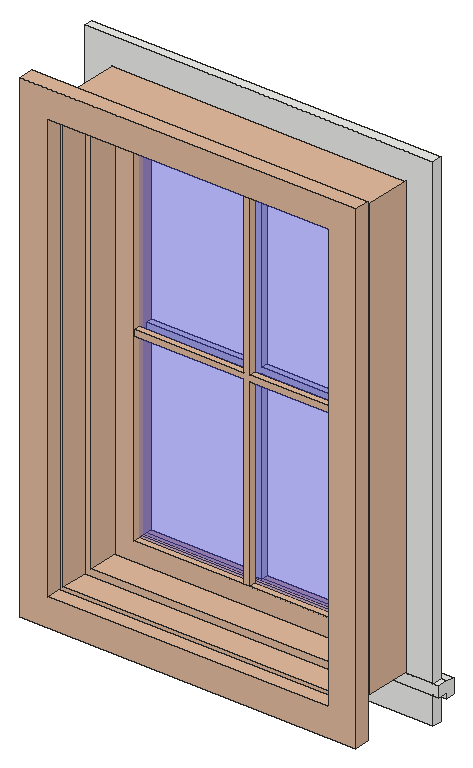
Revit family "576623c94ade40d0b69d6ff8f59e5a1c", category Windows, host Wall, Revit 2021
Family settings
  Host = Wall
  OmniClass Number = 23.30.20.17.21.14
  OmniClass Title = Casement Windows
  Always vertical = Yes
  Cut with Voids When Loaded = No
  Shared = No
  Room Calculation Point = No
Parameters (values of type "24" x 36"")
  Window Inset [instance] = 0' - 0"
  Wall Thickness [instance] = 0' - 6"
  Visual Light Transmittance = 0.81
  Thermal Resistance (R) = 1.8146 (h·ft²·°F)/BTU
  Solar Heat Gain Coefficient = 0.76
  Rough Width = Width + 0' 0 1/2"  # 2' - 0 1/2"
  Rough Height = Height + 0' 0 1/2"  # 3' - 0 1/2"
  Muntin Visibility = yes
  Muntin Pattern = Muntin Pattern_2x2 : Muntin Pattern_2x2
  Interior Wall Closure [instance] = 0' - 2 1/4"
  Interior Trim Visibility [instance] = yes
  Interior Trim Material = Wood - Stained
  Interior Trim = Trim-Window-Interior-Flat : Picture Frame
  Height = 3' - 0"
  Interior Frame Material = Wood - Stained
  Heat Transfer Coefficient (U) = 0.5511 BTU/(h·ft²·°F)
  Glass Panel Material = Glass
  Frame Extension [instance] = if(Exterior Trim Visibility, Window Inset + 0' 0 1/4", 0' 0 1/4")  # 0' - 0 1/4"
  Fire Rating = "0.5h"
  Exterior Wall Closure [instance] = 0' - 1 1/4"
  Exterior Trim Visibility [instance] = yes
  Exterior Trim Material = Clad - White
  Exterior Trim = Trim-Window-Exterior-Flat : with Sill
  Exterior Frame Material = Clad - White
  Extension Jamb Visibility [instance] = and(Interior Trim Visibility, Wall Thickness - Window Inset > 0' 3 3/4")  # yes
  Extension Jamb [instance] = if(Wall Thickness - Window Inset > 0' 3 3/4", Wall Thickness - Window Inset - 0' 3 3/4", 0' 1")  # 0' - 2 1/4"
  Default Sill Height = 3' - 0"
  Wall Closure = By host
  Width = 2' - 0"
  Assembly Code = "B2020100"
  Analytic Construction = "Double glazing - domestic"
Reference planes (in)
  plane 1 "Center (Front/Back)": y = 0
  plane 2: z = 0
  plane 3 "Center (Left/Right)": x = 0
  plane 4 "Left": x = -12
  plane 5 "Right": x = 12
  plane 6 "Sill": z = 36
  plane 7 "Top": z = 72
  plane 8 "Inset Face": y = 3
  plane 9 "Wall Closure": y = -0.75
  plane 10 "Sash Face": y = 3.5
  plane 11 "Exterior": y = 3
  plane 12: x = 11.5
  plane 13: x = -11.5
  plane 14: z = 71.5
  plane 15: z = 36.5
  plane 16: x = 9.25
  plane 17: x = -9.25
  plane 18: z = 69.25
  plane 19: z = 38.75
  plane 20: y = 2.25
  plane 21 "Glass": y = 2.625
  plane 22 "Middle": z = 54
  plane 23: y = 3.75
  plane 24: y = 3.75
  plane 25 "Interior": y = -3
  plane 26 "Jamb": y = -0.75
  plane 27: y = -0.75
  plane 28: y = 1.75
  plane 29: y = 3.75
Forms (in)
  Sweep 1, solid, material "Wood - Stained" <- "Interior Frame Material"
    path origin (0, 3.5, 0) x (-1, 0, 0) y (0, 0, 1)
      loop
        line (-12, 36) -> (12, 36) -> (12, 72) -> (-12, 72) -> (-12, 36)
    profile origin (12, 3.5, 54) x (1, 0, 0) y (0, 1, 0)
      loop
        line (0, 0.25) -> (-0.5, 0.25) -> (-0.5, -1.75) -> (-1.25, -1.75) -> (-1.25, -4.25) -> (0, -4.25) -> (0, 0.25)
  Extrusion 2, solid, material "Wood - Stained" <- "Interior Frame Material", visible <- "Extension Jamb Visibility"
    sketch origin (0, 0, 0) x (1, 0, 0) y (0, 0, 1)
      loop
        line (12, 72) -> (-12, 72) -> (-12, 36) -> (12, 36) -> (12, 72)
      loop
        line (11.25, 36.75) -> (11.25, 71.25) -> (-11.25, 71.25) -> (-11.25, 36.75) -> (11.25, 36.75)
    from 0.75 to 3
  Sweep 3, solid, material "Wood - Stained" <- "Interior Frame Material"
    path origin (0, 3.5, 0) x (-1, 0, 0) y (0, 0, 1)
      loop
        line (-11.5, 36.5) -> (11.5, 36.5) -> (11.5, 71.5) -> (-11.5, 71.5) -> (-11.5, 36.5)
    profile origin (11.5, 3.5, 54) x (1, 0, 0) y (0, 1, 0)
      loop
        line (0, 0) -> (-2.25, 0) -> (-2.25, -1.75) -> (0, -1.75) -> (0, 0)
  Extrusion 4, solid, material "Glass"
    sketch origin (-27.625, 0, 36) x (0, -1, 0) y (1, 0, 0)
      loop
        line (-3, 18.375) -> (-2.75, 18.375) -> (-2.75, 36.875) -> (-3, 36.875) -> (-3, 18.375)
      loop
        line (-2.25, 36.875) -> (-2.5, 36.875) -> (-2.5, 18.375) -> (-2.25, 18.375) -> (-2.25, 36.875)
    from 2.75 to 33.25
Lines and regions (in)
  Opening 1
    outline origin (-60, -3, 0) x (1, 0, 0) y (0, 0, 1)
      loop
        line (48, 72) -> (48, 36) -> (72, 36) -> (72, 72) -> (48, 72)
  Split face 1
    outline origin (-9.25, 1.75, 38.75) x (1, 0, 0) y (0, 1, 0)
      loop
        line (0, 1.25) -> (18.5, 1.25)
  Split face 2
    outline origin (9.25, 1.75, 38.75) x (0, 0, 1) y (0, 1, 0)
      loop
        line (30.5, 1.25) -> (0, 1.25)
  Split face 3
    outline origin (-9.25, 1.75, 69.25) x (0, 0, -1) y (0, 1, 0)
      loop
        line (30.5, 1.25) -> (0, 1.25)
  Split face 4
    outline origin (9.25, 1.75, 69.25) x (0, 1, 0) y (-1, 0, 0)
      loop
        line (1.25, 18.5) -> (1.25, 0)
  symbolic lines, style "Elevation Swing"
    curve 1: line (-11.5, 0, 54) -> (11.5, 0, 36.5)
    curve 2: line (-11.5, 0, 54) -> (11.5, 0, 71.5)
Text (in)
  text "EXTERIOR" at (-58.6888, 50.90694, 0), in view "Ref. Level"
  text "INTERIOR" at (-58.6888, -37.76638, 0), in view "Ref. Level"
  text "Exterior" at (0, 43.65631, 123.19604), in view "Left"
  text "Exterior" at (0, 18.29385, 125.04747), in view "Right"
Dimensions and locks (in)
  equal spacing: plane 4 "Left", plane 3 "Center (Left/Right)", plane 5 "Right"
  "Width": plane 4 "Left" to plane 5 "Right"
  "Height": plane 6 "Sill" to plane 7 "Top"
  "Default Sill Height": plane 2 to plane 6 "Sill"
  locked: plane 10 "Sash Face" to plane 8 "Inset Face" at 0.5
  "Wall Thickness": host wall to host wall
  "Window Inset": plane 11 "Exterior" to plane 8 "Inset Face"
  locked: Sweep 1 sketch curve to plane 5 "Right" at 1.25
  locked: Sweep 1 sketch curve to plane 5 "Right" at 0.5
  locked: plane 10 "Sash Face" to Sweep 1 sketch curve at 1.75
  locked: plane 12 to plane 5 "Right" at 0.5
  locked: plane 4 "Left" to plane 13 at 0.5
  locked: plane 14 to plane 7 "Top" at 0.5
  locked: plane 6 "Sill" to plane 15 at 0.5
  locked: plane 16 to plane 12 at 2.25
  locked: plane 13 to plane 17 at 2.25
  locked: plane 18 to plane 14 at 2.25
  locked: plane 15 to plane 19 at 2.25
  locked: Extrusion 2 sketch curve to plane 7 "Top" at 0.75
  locked: Extrusion 2 sketch curve to plane 5 "Right" at 0.75
  locked: Extrusion 2 sketch curve to plane 4 "Left" at 0.75
  locked: plane 6 "Sill" to Extrusion 2 sketch curve at 0.75
  equal spacing: plane 8 "Inset Face", plane 21 "Glass", plane 20
  locked: plane 8 "Inset Face" to plane 20 at 0.75
  equal spacing: plane 6 "Sill", plane 22 "Middle", plane 7 "Top"
  locked: plane 23 to plane 11 "Exterior" at 0.75
  locked: plane 24 to plane 10 "Sash Face" at 0.25
  "Extension Jamb": plane 26 "Jamb" to plane 25 "Interior"
  locked: plane 8 "Inset Face" to plane 9 "Wall Closure" at 3.75
  "Interior Wall Closure": plane 27 to plane 25 "Interior"
  "Exterior Wall Closure": plane 11 "Exterior" to plane 28
  "Frame Extension": plane 29 to plane 10 "Sash Face"
  aligned and locked: plane 7 "Top" to Opening 1 sketch curve
  aligned and locked: plane 6 "Sill" to Opening 1 sketch curve  (x2)
  aligned and locked: plane 5 "Right" to Opening 1 sketch curve
  aligned and locked: plane 4 "Left" to Opening 1 sketch curve
  aligned and locked: level to plane 2
  aligned and locked: host wall to plane 11 "Exterior"
  aligned and locked: plane 5 "Right" to Sweep 1 sketch curve
  aligned and locked: plane 7 "Top" to Sweep 1 sketch curve
  aligned and locked: Sweep 1 sketch curve to plane 4 "Left"
  aligned and locked: Sweep 1 sketch curve to plane 6 "Sill"
  aligned and locked: Extrusion 2 sketch curve to host wall  (x3)
  aligned and locked: plane 7 "Top" to Extrusion 2 sketch curve
  aligned and locked: host wall to Extrusion 2
  aligned and locked: plane 15 to Sweep 3 sketch curve
  aligned and locked: Sweep 3 sketch curve to plane 13
  aligned and locked: Sweep 3 sketch curve to plane 14
  aligned and locked: Extrusion 4 sketch curve to plane 8 "Inset Face"
  aligned and locked: plane 20 to Extrusion 4 sketch curve
  aligned and locked: Sweep 3 to Extrusion 4 sketch curve  (x2)
  aligned and locked: Extrusion 4 sketch curve to plane 17  (x2)
  aligned and locked: plane 15 to curve 1
  aligned and locked: plane 18 to Extrusion 4
  aligned and locked: Split face 1 sketch curve to Extrusion 4
  aligned and locked: plane 8 "Inset Face" to Split face 2 sketch curve
  aligned and locked: Split face 3 sketch curve to plane 8 "Inset Face"
  aligned and locked: Split face 4 sketch curve to plane 8 "Inset Face"
  aligned and locked: plane 25 "Interior" to host wall
  aligned and locked: plane 26 "Jamb" to Extrusion 2
  aligned and locked: plane 9 "Wall Closure" to Sweep 1
  aligned and locked: nested 1 to plane 4 "Left"
  aligned and locked: plane 11 "Exterior" to nested 1
  aligned and locked: plane 12 to Sweep 3 sketch curve
  aligned and locked: Sweep 1 to curve 1
  aligned and locked: plane 22 "Middle" to curve 2
  aligned and locked: plane 13 to curve 2
  aligned and locked: nested 1 to plane 7 "Top"
  aligned and locked: nested 2 to plane 21 "Glass"
  aligned and locked: plane 19 to nested 2
  aligned and locked: plane 18 to nested 2
  aligned and locked: nested 2 to plane 16
  aligned and locked: nested 2 to plane 17
  aligned and locked: plane 7 "Top" to nested 3
  aligned and locked: nested 3 to plane 3 "Center (Left/Right)"
  aligned and locked: plane 7 "Top" to nested 4
  aligned and locked: plane 3 "Center (Left/Right)" to nested 4
  aligned and locked: plane 29 to Sweep 1 sketch curve
Automatic sketch dimensions
  Sweep 1 sketch curve to profile plane = 0' - 0"
  Sweep 1 sketch curve to Sweep 1 sketch curve = 0' - 2 1/2"
  Sweep 3 sketch curve to plane 10 "Sash Face" = 0' - 0"
  Sweep 3 sketch curve to profile plane = 0' - 0"
  profile plane to Sweep 3 sketch curve = 0' - 2 1/4"
  Sweep 3 sketch curve to plane 10 "Sash Face" = 0' - 1 3/4"
  plane 21 "Glass" to Extrusion 4 sketch curve = 0' - 0 1/8"
  Extrusion 4 sketch curve to plane 21 "Glass" = 0' - 0 1/8"
  plane 12 to curve 2 = 0' - 0"
  curve 2 to plane 14 = 0' - 0"
  Split face 1 sketch curve to Sweep 3 = 0' - 0"  (x2)
  Split face 2 sketch curve to Sweep 3 = 0' - 0"
  Sweep 3 to Split face 2 sketch curve = 0' - 0"
  Sweep 3 to Split face 3 sketch curve = 0' - 0"
  Split face 3 sketch curve to Sweep 3 = 0' - 0"
  Split face 4 sketch curve to Sweep 3 = 0' - 0"  (x2)
Nested families (in)
  nested 1: "Plan-Casement" at (0, 3, 36) x (-1, 0, 0) z (0, 0, 1), Width <- "Width", Window Inset <- "Window Inset", Height <- "Height", Wall Thickness <- "Wall Thickness", type "Plan-Casement"
    with Window Inset of 3D 0' - 0", Window Inset 0' - 0", Width 2' - 0", Wall Thickness 0' - 6", Top Line yes, Right Line yes, RH no, Left Line yes, LH yes, Height 3' - 0", Bottom Line yes
  nested 2: "Muntin Pattern_2x2" at (0, 2.625, 38.75), visible <- "Muntin Visibility", Exterior Material <- "Exterior Frame Material", Interior Material <- "Interior Frame Material", type <- "Muntin Pattern", type "Muntin Pattern_2x2"
    with Width 1' - 6 1/2", Interior Material Wood - Stained, Height 2' - 6 1/2", Exterior Material Clad - White
  nested 3: "Trim-Window-Exterior-Flat" at (0, 3, 72) x (-1, 0, 0) z (0, 1, 0), visible <- "Exterior Trim Visibility", Trim Material <- "Exterior Trim Material", Opening Width <- "Width", Opening Height <- "Height", type <- "Exterior Trim", type "with Sill"
    with Trim Material Clad - White, Opening Width 2' - 0", Opening Height 3' - 0"
  nested 4: "Trim-Window-Interior-Flat" at (0, -3, 72) x (1, 0, 0) z (0, -1, 0), visible <- "Interior Trim Visibility", Trim Material <- "Interior Trim Material", Opening Width <- "Width", Opening Height <- "Height", type <- "Interior Trim", type "Picture Frame"
    with Trim Material Wood - Stained, Opening Width 2' - 0", Opening Height 3' - 0"
Definition of nested family "Muntin Pattern_2x2"
  Parameters (values of type "Muntin Pattern_2x2")
    Width [instance] = 4' - 0"
    Thickness = 0' - 0 1/2"
    Height [instance] = 4' - 0"
    Interior Material [instance] = none
    Exterior Material [instance] = none
    Distance = 0' - 0 3/4"
    Default Elevation = 0' - 0"
  Reference planes (in)
    plane 1 "Center (Front/Back)": y = 0
    plane 2: z = 0
    plane 3 "Center (Left/Right)": x = 0
    plane 4: z = 48
    plane 5: x = -24
    plane 6: x = 24
    plane 7: z = 24
    plane 8: y = 0.375
    plane 9: y = 0.875
    plane 10: y = -0.375
    plane 11: y = -0.875
  Forms (in)
    Extrusion 1, solid, material <- "Interior Material", detail levels fine
      sketch origin (0, 0, 0) x (1, 0, 0) y (0, 0, 1)
        loop
          line (-24, 24.25) -> (-24, 23.75) -> (-0.25, 23.75) -> (-0.25, 0) -> (0.25, 0) -> (0.25, 23.75) -> (24, 23.75) -> (24, 24.25) -> (0.25, 24.25) -> (0.25, 48) -> (-0.25, 48) -> (-0.25, 24.25) -> (-24, 24.25)
      from 0.375 to 0.875
    Extrusion 2, solid, material <- "Exterior Material", detail levels fine
      sketch origin (0, 0, 0) x (1, 0, 0) y (0, 0, -1)
        loop
          line (-24, -24.25) -> (-0.25, -24.25) -> (-0.25, -48) -> (0.25, -48) -> (0.25, -24.25) -> (24, -24.25) -> (24, -23.75) -> (0.25, -23.75) -> (0.25, 0) -> (-0.25, 0) -> (-0.25, -23.75) -> (-24, -23.75) -> (-24, -24.25)
      from 0.375 to 0.875
  Lines and regions (in)
    model lines, detail levels medium
      curve 1: line (0, 0.375, 48) -> (0, 0.375, 0)
      curve 2: line (-24, -0.375, 24) -> (24, -0.375, 24)
      curve 3: line (-24, 0.375, 24) -> (24, 0.375, 24)
      curve 4: line (0, -0.375, 48) -> (0, -0.375, 0)
  Dimensions and locks (in)
    equal spacing: plane 6, plane 3 "Center (Left/Right)", plane 5
    "Width": plane 6 to plane 5
    "Height": plane 4 to plane 2
    equal spacing: plane 4, plane 7, plane 2
    locked: plane 3 "Center (Left/Right)" to Extrusion 1 sketch curve at 0.25  (x4)
    locked: Extrusion 1 sketch curve to plane 7 at 0.25  (x2)
    locked: plane 7 to Extrusion 1 sketch curve at 0.25  (x2)
    "Thickness": plane 9 to plane 8
    "Thickness": plane 10 to plane 11
    "Distance": plane 8 to plane 10
    equal spacing: plane 8, plane 1 "Center (Front/Back)", plane 10
    aligned and locked: plane 2 to level
    aligned and locked: plane 4 to curve 1
    aligned and locked: plane 5 to curve 2
    aligned and locked: plane 2 to curve 1
    aligned and locked: plane 6 to curve 2
    aligned and locked: Extrusion 1 sketch curve to plane 4
    aligned and locked: Extrusion 1 sketch curve to plane 6
    aligned and locked: Extrusion 1 sketch curve to plane 5
    aligned and locked: Extrusion 1 sketch curve to level
    aligned and locked: Extrusion 1 to plane 11
    aligned and locked: plane 10 to Extrusion 1
    aligned and locked: Extrusion 2 to plane 5
    aligned and locked: plane 6 to Extrusion 2
    aligned and locked: Extrusion 2 to plane 8
    aligned and locked: plane 9 to Extrusion 2
    aligned and locked: Extrusion 2 to plane 2
    aligned and locked: plane 4 to Extrusion 2
    aligned and locked: plane 5 to curve 3
    aligned and locked: plane 6 to curve 3
    aligned and locked: plane 4 to curve 4
    aligned and locked: plane 2 to curve 4
    aligned and locked: plane 8 to curve 3
  Automatic sketch dimensions
    curve 2 to plane 7 = 0' - 0"
    Extrusion 2 sketch curve to plane 5 = 0' - 0"
    Extrusion 2 sketch curve to level = 0' - 0"
    Extrusion 2 sketch curve to plane 4 = 0' - 0"
    Extrusion 2 sketch curve to plane 6 = 0' - 0"
    Extrusion 2 sketch curve to plane 3 "Center (Left/Right)" = 0' - 0 1/4"  (x2)
    plane 3 "Center (Left/Right)" to Extrusion 2 sketch curve = 0' - 0 1/4"  (x2)
    plane 7 to Extrusion 2 sketch curve = 0' - 0 1/4"  (x2)
    Extrusion 2 sketch curve to plane 7 = 0' - 0 1/4"  (x2)
    curve 4 to plane 3 "Center (Left/Right)" = 0' - 0"
    curve 4 to level = 0' - 0"
    curve 4 to plane 4 = 0' - 0"
    curve 3 to plane 6 = 0' - 0"
    curve 1 to plane 3 "Center (Left/Right)" = 0' - 0"
    curve 3 to plane 5 = 0' - 0"
    curve 3 to plane 7 = 0' - 0"
Definition of nested family "Trim-Window-Exterior-Flat"
  Parameters (values of type "with Sill")
    Trim Width = 0' - 2 1/4"
    Trim Thickness_Picture Frame = 0' - 1 1/4"
    Trim Thickness_with Sill = 0' - 0 3/4"
    Trim Material [instance] = none
    Sill Thickness = 0' - 1 1/4"
    Sill = yes
    Picture Frame = no
    Opening Width [instance] = 2' - 0"
    Opening Height [instance] = 3' - 0"
    Default Elevation = 4' - 0"
  Types (2): name | Sill | Picture Frame
    with Sill | yes | no
    Picture Frame | no | yes
  Reference planes (in)
    plane 1 "Center (Front/Back)": y = 0
    plane 2: z = 0
    plane 3 "Center (Left/Right)": x = 0
    plane 4: y = 2.25
    plane 5 "Left": x = -12
    plane 6 "Right": x = 12
    plane 7 "Bottom": y = -36
    plane 8: y = -37.25
    plane 9: y = -39.12332
    plane 10: x = 14.25
    plane 11: x = -14.25
    plane 12: z = 0.75
    plane 13: z = 1.25
    plane 14: x = 14.75
    plane 15: x = -14.75
    plane 16: y = -36.87332
    plane 17: y = -38.25
    plane 18: z = 0.5
    plane 19: y = -18
    plane 20: z = 1.5
  Forms (in)
    Extrusion 1, solid
      sketch origin (0, 0, 0) x (1, 0, 0) y (0, 1, 0)
        loop
          line (-14.25, 2.25) -> (-14.25, -39.12332) -> (14.25, -39.12332) -> (14.25, 2.25) -> (-14.25, 2.25)
      from 0 to -12
    Extrusion 2, solid, material <- "Trim Material", visible <- "Sill"
      sketch origin (0, 0, 0) x (1, 0, 0) y (0, 1, 0)
        loop
          line (-14.25, -36) -> (-12, -36) -> (-12, 0) -> (12, 0) -> (12, -36) -> (14.25, -36) -> (14.25, 2.25) -> (-14.25, 2.25) -> (-14.25, -36)
      from 0 to 0.75
    Extrusion 3, solid, material <- "Trim Material", visible <- "Sill"
      sketch origin (0, 0, 0) x (0, 1, 0) y (0, 0, 1)
        loop
          line (-36.09677, 1.5) -> (-37.25, 1.5) -> (-37.25, 0.75) -> (-36.87332, 0.75) -> (-36.87332, 0) -> (-36, 0) -> (-36, 0.75) -> (-36.09677, 1.5)
      from -14.75 to 14.75
    Extrusion 4, solid, material <- "Trim Material", visible <- "Sill"
      sketch origin (0, 0, 0) x (1, 0, 0) y (0, 1, 0)
        loop
          line (-14.25, -36.87332) -> (-14.25, -39.12332) -> (14.25, -39.12332) -> (14.25, -36.87332) -> (-14.25, -36.87332)
      from 0 to 0.75
    Extrusion 5, solid, material <- "Trim Material", visible <- "Picture Frame"
      sketch origin (0, 0, 0) x (1, 0, 0) y (0, 1, 0)
        loop
          line (-12, 0) -> (-12, -36) -> (12, -36) -> (12, 0) -> (-12, 0)
        loop
          line (-14.25, 2.25) -> (-14.25, -38.25) -> (14.25, -38.25) -> (14.25, 2.25) -> (-14.25, 2.25)
      from 0 to 1.25
  Dimensions and locks (in)
    equal spacing: plane 5 "Left", plane 3 "Center (Left/Right)", plane 6 "Right"
    "Opening Width": plane 5 "Left" to plane 6 "Right"
    "Opening Height": plane 7 "Bottom" to plane 1 "Center (Front/Back)"
    "Sill Thickness": plane 7 "Bottom" to plane 8
    "Trim Width": plane 11 to plane 5 "Left"
    "Trim Width": plane 6 "Right" to plane 10
    "Trim Width": plane 1 "Center (Front/Back)" to plane 4
    locked: plane 15 to plane 11 at 0.5
    locked: plane 10 to plane 14 at 0.5
    locked: plane 16 to plane 8 at 0.37668
    "Trim Width": plane 9 to plane 16
    "Trim Width": plane 17 to plane 7 "Bottom"
    locked: plane 18 to plane 2 at 0.5
    equal spacing: plane 7 "Bottom", plane 19, plane 1 "Center (Front/Back)"
    locked: plane 20 to plane 12 at 0.75
    "Trim Thickness_with Sill": plane 12 to plane 2
    "Trim Thickness_Picture Frame": plane 13 to plane 2
    aligned and locked: plane 2 to Extrusion 1
    aligned and locked: level to Extrusion 1
    aligned and locked: Extrusion 2 sketch curve to plane 5 "Left"
    aligned and locked: Extrusion 2 sketch curve to plane 11
    aligned and locked: plane 7 "Bottom" to Extrusion 2 sketch curve  (x2)
    aligned and locked: plane 1 "Center (Front/Back)" to Extrusion 2 sketch curve
    aligned and locked: plane 10 to Extrusion 2 sketch curve
    aligned and locked: Extrusion 2 sketch curve to plane 6 "Right"
    aligned and locked: plane 12 to Extrusion 2
    aligned and locked: Extrusion 3 sketch curve to level
    aligned and locked: plane 7 "Bottom" to Extrusion 3 sketch curve
    aligned and locked: Extrusion 3 sketch curve to plane 8
    aligned and locked: plane 15 to Extrusion 3
    aligned and locked: Extrusion 3 to plane 14
    aligned and locked: plane 10 to Extrusion 4 sketch curve
    aligned and locked: Extrusion 4 sketch curve to plane 11
    aligned and locked: plane 16 to Extrusion 4 sketch curve
    aligned and locked: plane 9 to Extrusion 4 sketch curve
    aligned and locked: Extrusion 4 to Extrusion 2
    aligned and locked: Extrusion 2 sketch curve to plane 4
    aligned and locked: plane 1 "Center (Front/Back)" to Extrusion 5 sketch curve
    aligned and locked: Extrusion 5 sketch curve to plane 4
    aligned and locked: Extrusion 5 sketch curve to plane 17
    aligned and locked: plane 7 "Bottom" to Extrusion 5 sketch curve
    aligned and locked: Extrusion 5 sketch curve to plane 6 "Right"
    aligned and locked: plane 10 to Extrusion 5 sketch curve
    aligned and locked: Extrusion 5 sketch curve to plane 5 "Left"
    aligned and locked: Extrusion 5 sketch curve to plane 11
    aligned and locked: plane 13 to Extrusion 5
    aligned and locked: plane 20 to Extrusion 3
  Automatic sketch dimensions
    Extrusion 1 sketch curve to Extrusion 1 sketch curve = 2' - 4 1/2"
    Extrusion 1 sketch curve to Extrusion 1 sketch curve = 3' - 5.37332"
    Extrusion 3 sketch curve to plane 16 = 0' - 0"
    Extrusion 3 sketch curve to plane 12 = 0' - 0"  (x2)
    Extrusion 3 sketch curve to plane 7 "Bottom" = 0' - 0.09677"
    plane 13 to Extrusion 3 sketch curve = 0' - 0 1/4"
Definition of nested family "Trim-Window-Interior-Flat"
  Parameters (values of type "with Sill")
    Trim Thickness_Picture Frame = 0' - 1 1/4"
    Trim Width = 0' - 2 1/4"
    Trim Thickness_with Sill = 0' - 0 3/4"
    Trim Material [instance] = none
    Sill Thickness = 0' - 1 1/4"
    Sill = yes
    Picture Frame = no
    Opening Width [instance] = 2' - 0"
    Opening Height [instance] = 3' - 0"
    Default Elevation = 4' - 0"
  Types (2): name | Sill | Picture Frame
    with Sill | yes | no
    Picture Frame | no | yes
  Reference planes (in)
    plane 1 "Center (Front/Back)": y = 0
    plane 2: z = 0
    plane 3 "Center (Left/Right)": x = 0
    plane 4: y = 1.75
    plane 5 "Left": x = -12
    plane 6 "Right": x = 12
    plane 7 "Bottom": y = -36
    plane 8: y = -37.25
    plane 9: y = -39.12332
    plane 10: x = 13.75
    plane 11: x = -13.75
    plane 12: z = 0.75
    plane 13: z = 1.25
    plane 14: x = 14.25
    plane 15: x = -14.25
    plane 16: y = -36.87332
    plane 17: y = -37.75
    plane 18: z = 0.5
    plane 19: x = -11.5
    plane 20: y = -0.5
    plane 21: x = 11.5
    plane 22: y = -35.5
    plane 23: x = -13.25
    plane 24: x = 13.25
    plane 25: y = -18
  Forms (in)
    Extrusion 1, solid
      sketch origin (0, 0, 0) x (1, 0, 0) y (0, 1, 0)
        loop
          line (-13.75, 1.75) -> (-13.75, -37.75) -> (13.75, -37.75) -> (13.75, 1.75) -> (-13.75, 1.75)
      from 0 to -12
    Extrusion 2, solid, material <- "Trim Material", visible <- "Sill"
      sketch origin (0, 0, 0) x (1, 0, 0) y (0, 1, 0)
        loop
          line (-13.25, -36) -> (-11.5, -36) -> (-11.5, 0) -> (11.5, 0) -> (11.5, -36) -> (13.25, -36) -> (13.25, 1.75) -> (-13.25, 1.75) -> (-13.25, -36)
      from 0 to 0.75
    Extrusion 3, solid, material <- "Trim Material", visible <- "Sill"
      sketch origin (0, 0, 0) x (0, 1, 0) y (0, 0, 1)
        loop
          line (-36.5, 1.5) -> (-36.87332, 1.5) -> (-36.87332, 0) -> (-36, 0) -> (-36, 1)
          arc (-36, 1) -> (-36.14645, 1.35355) -> (-36.5, 1.5) r 0.5
      from -13.75 to 13.75
    Extrusion 4, solid, material <- "Trim Material", visible <- "Sill"
      sketch origin (0, 0, 0) x (1, 0, 0) y (0, 1, 0)
        loop
          line (-13.25, -36.87332) -> (-13.25, -39.12332) -> (13.25, -39.12332) -> (13.25, -36.87332) -> (-13.25, -36.87332)
      from 0 to 0.75
    Extrusion 5, solid, material <- "Trim Material", visible <- "Picture Frame"
      sketch origin (0, 0, 0) x (1, 0, 0) y (0, 1, 0)
        loop
          line (-11.5, -0.5) -> (-11.5, -35.5) -> (11.5, -35.5) -> (11.5, -0.5) -> (-11.5, -0.5)
        loop
          line (-13.75, 1.75) -> (-13.75, -37.75) -> (13.75, -37.75) -> (13.75, 1.75) -> (-13.75, 1.75)
      from 0 to 1.25
  Dimensions and locks (in)
    equal spacing: plane 5 "Left", plane 3 "Center (Left/Right)", plane 6 "Right"
    "Opening Width": plane 5 "Left" to plane 6 "Right"
    "Opening Height": plane 7 "Bottom" to plane 1 "Center (Front/Back)"
    "Sill Thickness": plane 7 "Bottom" to plane 8
    "Trim Width": plane 11 to plane 19
    "Trim Width": plane 21 to plane 10
    "Trim Width": plane 20 to plane 4
    "Trim Thickness_with Sill": plane 12 to plane 2
    locked: plane 15 to plane 11 at 0.5
    locked: plane 10 to plane 14 at 0.5
    locked: plane 16 to plane 8 at 0.37668
    "Trim Width": plane 9 to plane 16
    "Trim Width": plane 17 to plane 22
    plane 20 to plane 1 "Center (Front/Back)" = 0' - 0 1/2"
    plane 5 "Left" to plane 19 = 0' - 0 1/2"
    plane 21 to plane 6 "Right" = 0' - 0 1/2"
    plane 22 to plane 7 "Bottom" = 0' - 0 1/2"
    locked: plane 11 to plane 23 at 0.5
    locked: plane 24 to plane 10 at 0.5
    equal spacing: plane 7 "Bottom", plane 25, plane 1 "Center (Front/Back)"
    "Trim Thickness_Picture Frame": plane 13 to plane 2
    locked: Extrusion 3 to plane 12 at 0.75
    locked: plane 12 to Extrusion 3 sketch curve at 0.75
    radius of Extrusion 3 sketch curve = 0' - 0 1/2"
    aligned and locked: plane 2 to Extrusion 1
    aligned and locked: level to Extrusion 1
    aligned and locked: plane 7 "Bottom" to Extrusion 2 sketch curve  (x2)
    aligned and locked: plane 1 "Center (Front/Back)" to Extrusion 2 sketch curve
    aligned and locked: plane 12 to Extrusion 2
    aligned and locked: Extrusion 3 sketch curve to level
    aligned and locked: plane 7 "Bottom" to Extrusion 3 sketch curve
    aligned and locked: plane 16 to Extrusion 4 sketch curve
    aligned and locked: plane 9 to Extrusion 4 sketch curve
    aligned and locked: Extrusion 2 sketch curve to plane 4
    aligned and locked: Extrusion 5 sketch curve to plane 4
    aligned and locked: Extrusion 5 sketch curve to plane 17
    aligned and locked: plane 10 to Extrusion 5 sketch curve
    aligned and locked: Extrusion 5 sketch curve to plane 11
    aligned and locked: plane 13 to Extrusion 5
    aligned and locked: Extrusion 5 sketch curve to plane 20
    aligned and locked: Extrusion 5 sketch curve to plane 19
    aligned and locked: Extrusion 5 sketch curve to plane 21
    aligned and locked: plane 22 to Extrusion 5 sketch curve
    aligned and locked: Extrusion 4 to plane 24
    aligned and locked: plane 11 to Extrusion 3
    aligned and locked: Extrusion 3 to plane 10
    aligned and locked: Extrusion 2 sketch curve to plane 21
    aligned and locked: Extrusion 2 sketch curve to plane 24
    aligned and locked: Extrusion 2 sketch curve to plane 19
    aligned and locked: Extrusion 2 sketch curve to plane 23
    aligned and locked: plane 12 to Extrusion 4
  Automatic sketch dimensions
    Extrusion 1 sketch curve to Extrusion 1 sketch curve = 2' - 3 1/2"
    Extrusion 1 sketch curve to Extrusion 1 sketch curve = 3' - 3 1/2"
    Extrusion 3 sketch curve to plane 16 = 0' - 0"
    Extrusion 4 sketch curve to plane 11 = 0' - 0 1/2"
    Extrusion 4 sketch curve to plane 24 = 0' - 0"
Definition of nested family "Plan-Casement"
  Parameters (values of type "Plan-Casement")
    Window Inset [instance] = 0' - 1"
    Window Inset of 3D [instance] = if(Window Inset - 0' 0 1/2" < 0' 0", 0' 0", if(Window Inset - 0' 0 1/2" < Wall Thickness - 0' 3 1/2", Window Inset - 0' 0 1/2", Wall Thickness - 0' 3 1/2"))  # 0' - 0 1/2"
    Width [instance] = 4' - 0"
    Wall Thickness [instance] = 0' - 6"
    Top Line [instance] = yes
    Right Line [instance] = yes
    RH [instance] = yes
    Left Line [instance] = yes
    LH [instance] = yes
    Height [instance] = 3' - 0"
    Default Elevation = 4' - 0"
    Bottom Line [instance] = yes
    Analytic Construction = "<None>"
  Reference planes (in)
    plane 1 "Center (Front/Back)": y = 0
    plane 2: z = 0
    plane 3 "Center (Left/Right)": x = 0
    plane 4: x = -24
    plane 5: x = 24
    plane 6 "Jamb": y = -4
    plane 7: x = -23.5
    plane 8: x = -22.75
    plane 9: y = -0.5
    plane 10: y = -2.25
    plane 11: y = -1.375
    plane 12: x = -21.25
    plane 13: x = 23.5
    plane 14: x = 22.75
    plane 15: x = 21.25
    plane 16 "Window Inset": y = -1
    plane 17 "Wall": y = -6
    plane 18: z = 36
    plane 19: z = 35.5
    plane 20: z = 0.5
    plane 21: z = 34.75
    plane 22: z = 1.25
    plane 23: z = 33.25
    plane 24: z = 2.75
  Lines and regions (in)
    Masking region 1
      outline origin (0, 0.75, 0) x (1, 0, 0) y (0, 1, 0)
        loop
          line (-24, -0.75) -> (-24, -6.75) -> (24, -6.75) -> (24, -0.75) -> (-24, -0.75)
    Masking region 2
      outline origin (0, 0, 0) x (0, 1, 0) y (0, 0, 1)
        loop
          line (0, 36) -> (-6, 36) -> (-6, 0) -> (0, 0) -> (0, 36)
    symbolic lines
      curve 1: line (-23.5, -2.25, 0) -> (-22.75, -2.25, 0)
      curve 2: line (-22.75, -2.25, 0) -> (-22.75, -4, 0)
      curve 3: line (-23.5, -0.5, 0) -> (-23.5, -2.25, 0)
      curve 4: line (-21.25, -0.5, 0) -> (-21.25, -2.25, 0)
      curve 5: line (-21.25, -2.25, 0) -> (-22.75, -2.25, 0)
      curve 6: line (-21.25, -1.375, 0) -> (21.25, -1.375, 0)
      curve 7: line (23.5, -2.25, 0) -> (22.75, -2.25, 0)
      curve 8: line (22.75, -2.25, 0) -> (22.75, -4, 0)
      curve 9: line (23.5, -0.5, 0) -> (23.5, -2.25, 0)
      curve 10: line (21.25, -0.5, 0) -> (21.25, -2.25, 0)
      curve 11: line (21.25, -2.25, 0) -> (22.75, -2.25, 0)
      curve 14: line (-24, -4, 0) -> (-22.75, -4, 0)
      curve 15: line (22.75, -4, 0) -> (24, -4, 0)
      curve 16: line (22.75, -4, 0) -> (-22.75, -4, 0)
      curve 17: line (0, -0.5, 35.5) -> (0, -2.25, 35.5)
      curve 18: line (0, -2.25, 34.75) -> (0, -4, 34.75)
      curve 19: line (0, -0.5, 0.5) -> (0, -2.25, 0.5)
      curve 20: line (0, -2.25, 0.5) -> (0, -2.25, 2.75)
      curve 21: line (0, -2.25, 1.25) -> (0, -4, 1.25)
      curve 22: line (0, -0.5, 36) -> (0, -0.5, 33.25)
      curve 23: line (0, -0.5, 33.25) -> (0, -2.25, 33.25)
      curve 24: line (0, -2.25, 2.75) -> (0, -0.5, 2.75)
      curve 25: line (0, -1.375, 2.75) -> (0, -1.375, 33.25)
      curve 28: line (0, -2.25, 35.5) -> (0, -2.25, 33.25)
      curve 29: line (21.25, -0.5, 0) -> (24, -0.5, 0)
      curve 30: line (-21.25, -0.5, 0) -> (-24, -0.5, 0)
      curve 31: line (0, -0.5, 2.75) -> (0, -0.5, 0)
      curve 32: line (-21.25, -0.5, 0) -> (21.25, -0.5, 0)
      curve 33: line (0, -0.5, 33.25) -> (0, -0.5, 2.75)
      curve 38: line (0, -4, 1.25) -> (0, -4, 34.75)
      curve 39: line (0, -4, 1.25) -> (0, -4, 0)
      curve 40: line (0, -4, 36) -> (0, -4, 34.75)
    symbolic lines, visible <- "RH"
      curve 12: arc (-23.5, -0.5, 0) -> (-19.92234, 17.48612, 0) -> (-9.73402, 32.73402, 0) r 47
      curve 26: line (23.5, -0.5, 0) -> (-9.73402, 32.73402, 0)
    symbolic lines, visible <- "LH"
      curve 13: line (-23.5, -0.5, 0) -> (9.73402, 32.73402, 0)
      curve 27: arc (23.5, -0.5, 0) -> (19.92234, 17.48612, 0) -> (9.73402, 32.73402, 0) r 47
    symbolic lines, visible <- "Right Line"
      curve 34: line (24, 0, 0) -> (24, -6, 0)
    symbolic lines, visible <- "Left Line"
      curve 35: line (-24, 0, 0) -> (-24, -6, 0)
    symbolic lines, visible <- "Top Line"
      curve 36: line (0, 0, 36) -> (0, -6, 36)
    symbolic lines, visible <- "Bottom Line"
      curve 37: line (0, 0, 0) -> (0, -6, 0)
  Dimensions and locks (in)
    "Width": plane 4 to plane 5
    equal spacing: plane 4, plane 3 "Center (Left/Right)", plane 5
    plane 4 to plane 7 to plane 8 = 0' - 0 1/2" locked, 0' - 0 3/4" locked
    equal spacing: plane 9, plane 11, plane 10
    locked: plane 7 to plane 12 at 2.25
    plane 5 to plane 13 to plane 14 = 0' - 0 1/2" locked, 0' - 0 3/4" locked
    locked: plane 13 to plane 15 at 2.25
    locked: plane 9 to plane 16 "Window Inset" at 0.5
    locked: plane 9 to plane 10 at 1.75
    "Wall Thickness": plane 17 "Wall" to plane 1 "Center (Front/Back)"
    "Height": plane 18 to plane 2
    locked: plane 18 to plane 19 at 0.5
    locked: plane 20 to plane 2 at 0.5
    locked: plane 19 to plane 21 at 0.75
    locked: plane 22 to plane 20 at 0.75
    locked: plane 19 to plane 23 at 2.25
    locked: plane 24 to plane 20 at 2.25
    locked: plane 10 to plane 6 "Jamb" at 1.75
    "Window Inset of 3D": plane 9 to plane 1 "Center (Front/Back)"
    locked: plane 9 to curve 13 (angle 45.00°)
    angle curve 26 to plane 16 "Window Inset" = 45.00°
    aligned and locked: plane 2 to level
    aligned and locked: curve 2 to plane 8
    aligned and locked: curve 1 to plane 10
    aligned and locked: plane 14 to curve 8
    aligned and locked: curve 14 to plane 6 "Jamb"
    aligned and locked: curve 15 to plane 6 "Jamb"
    aligned and locked: plane 21 to curve 18
    aligned and locked: plane 19 to curve 17
    aligned and locked: plane 22 to curve 21
    aligned and locked: plane 10 to curve 20
    aligned and locked: plane 20 to curve 19
    aligned and locked: curve 22 to plane 9
    aligned and locked: plane 23 to curve 23
    aligned and locked: curve 24 to plane 24
    aligned and locked: plane 11 to curve 25
    aligned and locked: plane 13 to curve 27
    aligned and locked: plane 9 to curve 13
    aligned and locked: plane 9 to curve 26
    aligned and locked: plane 5 to curve 29
    aligned and locked: plane 18 to curve 22
    aligned and locked: plane 9 to curve 17
    aligned and locked: plane 9 to curve 19
    aligned and locked: plane 9 to curve 3
    aligned and locked: plane 9 to curve 9
    aligned and locked: curve 28 to plane 10
    aligned and locked: plane 19 to curve 28
    aligned and locked: plane 23 to curve 28
    aligned and locked: plane 4 to curve 30
    aligned and locked: plane 9 to curve 31
    aligned and locked: plane 2 to curve 31
    aligned and locked: curve 32 to plane 9
    aligned and locked: plane 12 to curve 32
    aligned and locked: plane 15 to curve 32
    aligned and locked: plane 24 to curve 33
    aligned and locked: plane 1 "Center (Front/Back)" to curve 34
    aligned and locked: plane 17 "Wall" to curve 34
    aligned and locked: curve 34 to plane 5
    aligned and locked: plane 17 "Wall" to curve 35
    aligned and locked: plane 1 "Center (Front/Back)" to curve 35
    aligned and locked: curve 35 to plane 4
    aligned and locked: plane 17 "Wall" to curve 37
    aligned and locked: plane 1 "Center (Front/Back)" to curve 37
    aligned and locked: curve 37 to plane 2
    aligned and locked: plane 17 "Wall" to curve 36
    aligned and locked: plane 1 "Center (Front/Back)" to curve 36
    aligned and locked: curve 36 to plane 18
    aligned and locked: plane 1 "Center (Front/Back)" to Masking region 1 sketch curve
    aligned and locked: plane 17 "Wall" to Masking region 1 sketch curve
    aligned and locked: plane 4 to Masking region 1 sketch curve
    aligned and locked: Masking region 1 sketch curve to plane 5
    aligned and locked: plane 2 to Masking region 2 sketch curve
    aligned and locked: Masking region 2 sketch curve to plane 18
    aligned and locked: plane 1 "Center (Front/Back)" to Masking region 2 sketch curve
    aligned and locked: plane 17 "Wall" to Masking region 2 sketch curve
    aligned and locked: plane 6 "Jamb" to curve 21
    aligned and locked: plane 6 "Jamb" to curve 18
    aligned and locked: plane 10 to curve 18
    aligned and locked: plane 10 to curve 21
    aligned and locked: plane 22 to curve 39
    aligned and locked: plane 21 to curve 40
    aligned and locked: plane 6 "Jamb" to curve 40
  Automatic sketch dimensions
    curve 3 to plane 7 = 0' - 0"
    curve 27 to plane 7 = 0' - 0"
    curve 12 to plane 13 = 0' - 0"
    curve 7 to plane 10 = 0' - 0"
    curve 6 to plane 11 = 0' - 0"
